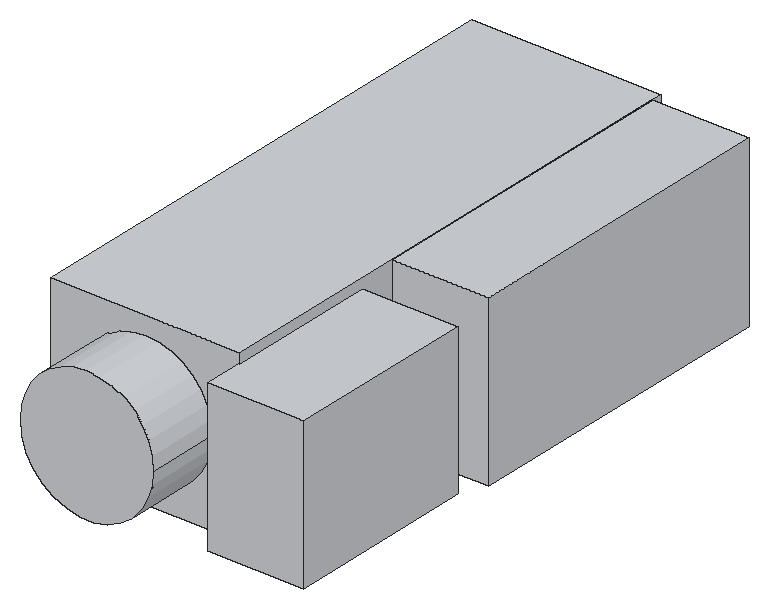
Revit family "EZTE", category Mechanical Equipment, Revit 2018
Family settings
  Round Connector Dimension = Use Diameter
  Part Type = Normal
  OmniClass Number = 23.75.00.00
  OmniClass Title = Climate Control (HVAC)
  Work Plane-Based = No
  Always vertical = Yes
  Cut with Voids When Loaded = No
  Shared = No
  Room Calculation Point = No
Parameters (values of type "EZTE Inlet Size 10 RH")
  Width = 1' - 2"
  URL = "https://www.anemostat-hvac.com/"
  RightSide Electric Enclosure = yes
  RightController = yes
  Power Right Controller = yes
  Power Left Controller = no
  Model = "EZTE"
  Manufacturer = "ANEMOSTAT PRODUCTS"
  Length = 3' - 3 1/2"
  LeftSide Electric Enclosure = no
  LeftController = no
  Inlet_S = 0' - 5 3/8"
  InletRadius = InletDia / 2  # 0' - 4 15/16"
  InletDia = 0' - 9 7/8"
  HeightCenter = Eheight / 2  # 0' - 6 1/4"
  Height = 1' - 0 1/2"
  SlipDrive = 3' - 10 7/16"
  Overlap = 0' - 0 5/8"
  Ewidth = EnclosureWidth  # 0' - 7 1/8"
  EnslosureRear = 1' - 2 7/32"
  EnclosureWidth = 0' - 7 1/8"
  EnclosureHeight = 0' - 11 3/32"
  EnclosureFront = 0' - 3"
  EnclosureCenter = Height / 2  # 0' - 6 1/4"
  Elength = 2' - 0"
  ElectricBack = 0' - 1 1/2"
  Eheight = 1' - 0 1/2"
  DischargeY = Height - 0' 1 1/4"  # 0' - 11 1/4"
  DischargeX = Width - 0' 1 1/4"  # 1' - 0 3/4"
  Discharge = 0' - 0 5/8"
  Description = "EZTE W/ INTEGRAL ELECTRIC HEAT"
  Coil = SlipDrive - Length  # 0' - 6 15/16"
Types (18): name | Width | RightSide Electric Enclosure | RightController | Power Right Controller | Power Left Controller | LeftSide Electric Enclosure | LeftController | InletRadius | InletDia | HeightCenter | Height | SlipDrive | EnclosureCenter | Eheight | DischargeY | DischargeX | Description | Coil
  EZTE Inlet Size 16 RH | 2' - 0" | yes | yes | yes | no | no | no | 0' - 7 15/16" | 1' - 3 7/8" | 0' - 8 3/4" | 1' - 5 1/2" | 3' - 8 7/16" | 0' - 8 3/4" | 1' - 5 1/2" | 1' - 4 1/4" | 1' - 10 3/4" | "EZTE EZTE W/ INTEGRAL ELECTRIC HEAT" | 0' - 4 15/16"
  EZTE Inlet Size 16 LH | 2' - 0" | no | no | no | yes | yes | yes | 0' - 7 15/16" | 1' - 3 7/8" | 0' - 8 3/4" | 1' - 5 1/2" | 3' - 8 7/16" | 0' - 8 3/4" | 1' - 5 1/2" | 1' - 4 1/4" | 1' - 10 3/4" | "EZTE EZTE W/ INTEGRAL ELECTRIC HEAT" | 0' - 4 15/16"
  EZTE Inlet Size 14 LH | 1' - 8" | no | no | no | yes | yes | yes | 0' - 6 15/16" | 1' - 1 7/8" | 0' - 8 3/4" | 1' - 5 1/2" | 3' - 7 1/4" | 0' - 8 3/4" | 1' - 5 1/2" | 1' - 4 1/4" | 1' - 6 3/4" | "EZTE EZTE W/ INTEGRAL ELECTRIC HEAT" | 0' - 3 3/4"
  EZTE Inlet Size 14 RH | 1' - 8" | yes | yes | yes | no | no | no | 0' - 6 15/16" | 1' - 1 7/8" | 0' - 8 3/4" | 1' - 5 1/2" | 3' - 7 1/4" | 0' - 8 3/4" | 1' - 5 1/2" | 1' - 4 1/4" | 1' - 6 3/4" | "EZTE EZTE W/ INTEGRAL ELECTRIC HEAT" | 0' - 3 3/4"
  EZTE Inlet Size 12 RH | 1' - 4" | yes | yes | yes | no | no | no | 0' - 5 15/16" | 0' - 11 7/8" | 0' - 7 1/2" | 1' - 3" | 3' - 7 1/4" | 0' - 7 1/2" | 1' - 3" | 1' - 1 3/4" | 1' - 2 3/4" | "EZTE EZTE W/ INTEGRAL ELECTRIC HEAT" | 0' - 3 3/4"
  EZTE Inlet Size 12 LH | 1' - 4" | no | no | no | yes | yes | yes | 0' - 5 15/16" | 0' - 11 7/8" | 0' - 7 1/2" | 1' - 3" | 3' - 7 1/4" | 0' - 7 1/2" | 1' - 3" | 1' - 1 3/4" | 1' - 2 3/4" | "EZTE EZTE W/ INTEGRAL ELECTRIC HEAT" | 0' - 3 3/4"
  EZTE Inlet Size 10 LH | 1' - 2" | no | no | no | yes | yes | yes | 0' - 4 15/16" | 0' - 9 7/8" | 0' - 6 1/4" | 1' - 0 1/2" | 3' - 10 7/16" | 0' - 6 1/4" | 1' - 0 1/2" | 0' - 11 1/4" | 1' - 0 3/4" | "EZTE W/ INTEGRAL ELECTRIC HEAT" | 0' - 6 15/16"
  EZTE Inlet Size 09 RH | 1' - 2" | yes | yes | yes | no | no | no | 0' - 4 7/16" | 0' - 8 7/8" | 0' - 6 1/4" | 1' - 0 1/2" | 3' - 10 7/16" | 0' - 6 1/4" | 1' - 0 1/2" | 0' - 11 1/4" | 1' - 0 3/4" | "EZTE W/ INTEGRAL ELECTRIC HEAT" | 0' - 6 15/16"
  EZTE Inlet Size 09 LH | 1' - 2" | no | no | no | yes | yes | yes | 0' - 4 7/16" | 0' - 8 7/8" | 0' - 6 1/4" | 1' - 0 1/2" | 3' - 10 7/16" | 0' - 6 1/4" | 1' - 0 1/2" | 0' - 11 1/4" | 1' - 0 3/4" | "EZTE W/ INTEGRAL ELECTRIC HEAT" | 0' - 6 15/16"
  EZTE Inlet Size 08 LH | 1' - 0" | no | no | no | yes | yes | yes | 0' - 3 15/16" | 0' - 7 7/8" | 0' - 6" | 0' - 10" | 3' - 7 1/4" | 0' - 5" | 1' - 0" | 0' - 8 3/4" | 0' - 10 3/4" | "EZTE W/ INTEGRAL ELECTRIC HEAT" | 0' - 3 3/4"
  EZTE Inlet Size 08 RH | 1' - 0" | yes | yes | yes | no | no | no | 0' - 3 15/16" | 0' - 7 7/8" | 0' - 6" | 0' - 10" | 3' - 7 1/4" | 0' - 5" | 1' - 0" | 0' - 8 3/4" | 0' - 10 3/4" | "EZTE W/ INTEGRAL ELECTRIC HEAT" | 0' - 3 3/4"
  EZTE Inlet Size 07 LH | 1' - 0" | no | no | no | yes | yes | yes | 0' - 3 7/16" | 0' - 6 7/8" | 0' - 6" | 0' - 10" | 3' - 7 1/4" | 0' - 5" | 1' - 0" | 0' - 8 3/4" | 0' - 10 3/4" | "EZTE W/ INTEGRAL ELECTRIC HEAT" | 0' - 3 3/4"
  EZTE Inlet Size 07 RH | 1' - 0" | yes | yes | yes | no | no | no | 0' - 3 7/16" | 0' - 6 7/8" | 0' - 6" | 0' - 10" | 3' - 7 1/4" | 0' - 5" | 1' - 0" | 0' - 8 3/4" | 0' - 10 3/4" | "EZTE W/ INTEGRAL ELECTRIC HEAT" | 0' - 3 3/4"
  EZTE Inlet Size 06 RH | 0' - 10" | yes | yes | yes | no | no | no | 0' - 2 15/16" | 0' - 5 7/8" | 0' - 6" | 0' - 10" | 3' - 7 1/4" | 0' - 5" | 1' - 0" | 0' - 8 3/4" | 0' - 8 3/4" | "EZTE W/ INTEGRAL ELECTRIC HEAT" | 0' - 3 3/4"
  EZTE Inlet Size 06 LH | 0' - 10" | no | no | no | yes | yes | yes | 0' - 2 15/16" | 0' - 5 7/8" | 0' - 6" | 0' - 10" | 3' - 7 1/4" | 0' - 5" | 1' - 0" | 0' - 8 3/4" | 0' - 8 3/4" | "EZTE W/ INTEGRAL ELECTRIC HEAT" | 0' - 3 3/4"
  EZTE Inlet Size 05 RH | 0' - 10" | yes | yes | yes | no | no | no | 0' - 2 7/16" | 0' - 4 7/8" | 0' - 6" | 0' - 10" | 3' - 7 1/4" | 0' - 5" | 1' - 0" | 0' - 8 3/4" | 0' - 8 3/4" | "EZTE W/ INTEGRAL ELECTRIC HEAT" | 0' - 3 3/4"
  EZTE Inlet Size 05 LH | 0' - 10" | no | no | no | yes | yes | yes | 0' - 2 7/16" | 0' - 4 7/8" | 0' - 6" | 0' - 10" | 3' - 10 7/16" | 0' - 5" | 1' - 0" | 0' - 8 3/4" | 0' - 8 3/4" | "EZTE W/ INTEGRAL ELECTRIC HEAT" | 0' - 6 15/16"
  EZTE Inlet Size 10 RH | 1' - 2" | yes | yes | yes | no | no | no | 0' - 4 15/16" | 0' - 9 7/8" | 0' - 6 1/4" | 1' - 0 1/2" | 3' - 10 7/16" | 0' - 6 1/4" | 1' - 0 1/2" | 0' - 11 1/4" | 1' - 0 3/4" | "EZTE W/ INTEGRAL ELECTRIC HEAT" | 0' - 6 15/16"
Reference planes (in)
  plane 1 "Center (Front/Back)": y = 0
  plane 2: z = 0
  plane 3 "Center (Left/Right)": x = 0
  plane 4 "RightSide": x = 7
  plane 5 "LeftSide": x = -7
  plane 6 "InletSide": y = -19.75
  plane 7: y = -8.53125
  plane 8 "EnclosureFront": y = -22.75
  plane 9: x = 14.125
  plane 10: x = -14.125
  plane 11 "DischargeSide": y = 19.75
  plane 12: y = 19.125
  plane 13: z = 12.5
  plane 14: z = 6.25
  plane 15: z = 11.79687
  plane 16: z = 0.70313
  plane 17: x = 6.375
  plane 18: x = -6.375
  plane 19: z = 11.875
  plane 20: z = 0.625
  plane 21: y = 18.5
  plane 22 "HWC SlipNDrive": y = 26.6875
  plane 23: z = 1.25
  plane 24: y = 22.875
  plane 25: y = 23.13415
  plane 26: z = 11.25
  plane 27: y = 18.25
  plane 28: y = -5.75
  plane 29: z = 12.5
  plane 30: z = 0
Forms (in)
  Extrusion 1, solid
    sketch origin (0, 0, 0) x (1, 0, 0) y (0, 1, 0)
      loop
        line (7, 19.125) -> (-7, 19.125) -> (-7, -19.75) -> (7, -19.75) -> (7, 19.125)
    from 0 to 12.5
  Extrusion 2, solid
    sketch origin (0, -19.75, 0) x (1, 0, 0) y (0, 0, 1)
      loop
        circle (0, 6.25) r 4.9375
    from 0 to 5.375 <- "Inlet_S"
  Extrusion 3, solid
    sketch origin (0, 19.75, 0) x (1, 0, 0) y (0, 0, 1)
      loop
        line (-6.375, 11.875) -> (-6.375, 0.625) -> (6.375, 0.625) -> (6.375, 11.875) -> (-6.375, 11.875)
    from 0 to 0.625 <- "Discharge"
Dimensions and locks (in)
  equal spacing: plane 5 "LeftSide", plane 3 "Center (Left/Right)", plane 4 "RightSide"
  "EnclosureFront": plane 8 "EnclosureFront" to plane 6 "InletSide"
  "Width": plane 5 "LeftSide" to plane 4 "RightSide"
  "EnclosureWidth": plane 4 "RightSide" to plane 9
  "EnclosureWidth": plane 10 to plane 5 "LeftSide"
  equal spacing: plane 11 "DischargeSide", plane 1 "Center (Front/Back)", plane 6 "InletSide"
  "Length": plane 11 "DischargeSide" to plane 6 "InletSide"
  "EnslosureRear": plane 7 to plane 8 "EnclosureFront"
  "Discharge": plane 12 to plane 11 "DischargeSide"
  equal spacing: plane 15, plane 14, plane 16
  "EnclosureHeight": plane 15 to plane 16
  "EnclosureCenter": plane 14 to level
  "Height": plane 13 to level
  equal spacing: plane 17, plane 3 "Center (Left/Right)", plane 18
  "DischargeX": plane 17 to plane 18
  "Discharge": plane 13 to plane 19
  "Discharge": plane 20 to level
  plane 6 "InletSide" to plane 11 "DischargeSide" = 3' - 3 1/2"
  "Overlap": plane 21 to plane 12
  "SlipDrive": plane 22 "HWC SlipNDrive" to plane 6 "InletSide"
  locked: plane 24 to plane 12 at 3.75
  locked: plane 23 to level at 1.25
  locked: plane 25 to plane 12 at 4.00915
  locked: plane 13 to plane 26 at 1.25
  "ElectricBack": plane 27 to plane 11 "DischargeSide"
  "Elength": plane 28 to plane 27
  "HeightCenter": plane 29 to plane 14
  "HeightCenter": plane 30 to plane 14
  "HeightCenter": plane 14 to nested 4
  "InletRadius": radius of Extrusion 2 sketch curve
  aligned and locked: level to plane 2
  aligned and locked: plane 12 to Extrusion 1 sketch curve
  aligned and locked: plane 4 "RightSide" to Extrusion 1 sketch curve
  aligned and locked: plane 6 "InletSide" to Extrusion 1 sketch curve
  aligned and locked: plane 5 "LeftSide" to Extrusion 1 sketch curve
  aligned and locked: plane 13 to Extrusion 1
  aligned and locked: plane 19 to Extrusion 3 sketch curve
  aligned and locked: Extrusion 3 sketch curve to plane 18
  aligned and locked: plane 20 to Extrusion 3 sketch curve
  aligned and locked: plane 17 to Extrusion 3 sketch curve
  aligned and locked: nested 1 to plane 7
  aligned and locked: plane 4 "RightSide" to nested 1
  aligned and locked: nested 2 to plane 5 "LeftSide"
  aligned and locked: nested 2 to plane 7
  aligned and locked: nested 3 to plane 27
  aligned and locked: nested 3 to plane 4 "RightSide"
  aligned and locked: nested 3 to plane 29
Automatic sketch dimensions
  Extrusion 2 sketch curve to plane 3 "Center (Left/Right)" = 0' - 0"
  Extrusion 2 sketch curve to plane 14 = 0' - 0"
Nested families (in)
  nested 1: "ControlEnclosure" at (7, -9.91058, 0), visible <- "RightController", type "Inlet Size 10 Enclosure Left"
    with EnclosureWidth 0' - 7 1/8", EnclosureHeight 0' - 11 3/32"
  nested 2: "ControlEnclosure" at (-7, -9.91058, 0) x (-1, 0, 0) z (0, 0, 1), visible <- "LeftController", type "Inlet Size 10 Enclosure Left"
    with EnclosureWidth 0' - 7 1/8", EnclosureHeight 0' - 11 3/32"
  nested 3: "ElectricEnclosure" at (0, -19.125, 0), visible <- "RightSide Electric Enclosure", type "Electric Enclosure-05"
    with Width 1' - 2", Height 1' - 0 1/2", HeightCenter 0' - 6 1/4", Eheight 1' - 0 1/2"
  nested 4: "ElectricEnclosure" at (0, -18.875, 0) x (-1, 0, 0) z (0, 0, 1), visible <- "LeftSide Electric Enclosure", type "Electric Enclosure-05"
    with Width 1' - 2", Height 1' - 0 1/2", HeightCenter 0' - 6 1/4", Eheight 1' - 0 1/2"
Connectors (in)
  hvac at (0, -25.125, 6.25), driven by "InletDia"
    settings: on Extrusion 2, index 1, duct flow 0 CFM, flow factor 0, pres drop 0.00 in-wg, loss coef 0, conn angle 0.00°, conn width 12", conn height 12", conn diameter 9 7/8", duct sys type 1, conn prof type 0, flow config 0, flow direction 1, loss method 0, conn ref index -1, conn util no, is conn primary yes, conn desc ""
  electrical at (-14.125, -15.64062, 6.25), driven by "Power Left Controller"
    settings: on nested 2, index 2, voltage 0 V, apparent load 0 VA, apparent load phase1 0 VA, apparent load phase2 0 VA, apparent load phase3 0 VA, power factor 1, load classification "Other", number of poles 1, system type 31, power factor state 1, is connector primary yes, connector utility no, sub classification motor no, connector description ""
  electrical at (14.125, -15.64062, 6.25), driven by "Power Right Controller"
    settings: on nested 1, index 8, voltage 0 V, apparent load 0 VA, apparent load phase1 0 VA, apparent load phase2 0 VA, apparent load phase3 0 VA, power factor 1, load classification "Other", number of poles 1, system type 31, power factor state 1, is connector primary no, connector utility yes, sub classification motor no, connector description ""
  hvac at (0, 19.75, 6.25), driven by "DischargeY", driven by "DischargeX"
    settings: on Extrusion 3, index 9, duct flow 0 CFM, flow factor 0, pres drop 0.00 in-wg, loss coef 0, conn angle 0.00°, conn width 12 3/4", conn height 11 1/4", conn diameter 24", duct sys type 1, conn prof type 1, flow config 0, flow direction 0, loss method 0, conn ref index -1, conn util no, is conn primary no, conn desc ""
  electrical at (14.125, 6.25, 6.25), driven by "RightSide Electric Enclosure"
    settings: on nested 3, index 10, voltage 0 V, apparent load 0 VA, apparent load phase1 0 VA, apparent load phase2 0 VA, apparent load phase3 0 VA, power factor 1, load classification "Other", number of poles 1, system type 31, power factor state 1, is connector primary no, connector utility yes, sub classification motor no, connector description ""
  electrical at (-14.125, 6.5, 6.25), driven by "LeftSide Electric Enclosure"
    settings: on nested 4, index 11, voltage 0 V, apparent load 0 VA, apparent load phase1 0 VA, apparent load phase2 0 VA, apparent load phase3 0 VA, power factor 1, load classification "Other", number of poles 1, system type 31, power factor state 1, is connector primary no, connector utility no, sub classification motor no, connector description ""
Definition of nested family "ControlEnclosure"
  Parameters (values of type "Enclosure")
    Width = 1' - 2"
    Lenght = 1' - 2 1/2"
    Height = 1' - 0 1/2"
    EnslosureRear = 1' - 2 7/32"
    EnclosureWidth = 0' - 7 1/8"
    EnclosureHeight = 0' - 11 3/32"
    EnclosureFront = 0' - 3"
    EnclosureCenter = Height / 2  # 0' - 6 1/4"
    DischargeY = 0' - 11 1/4"
    DischargeX = 1' - 0 3/4"
    Discharge = 0' - 0 5/8"
  Types (3): name | EnclosureWidth | EnclosureHeight
    Inlet Size 10 Enclosure Left | 0' - 11 3/32" | 0' - 7 1/8"
    Inlet Size 10 Enclosure Right | 0' - 7 1/8" | 0' - 6.00967"
    Enclosure | 0' - 7 1/8" | 0' - 11 3/32"
  Reference planes (in)
    plane 1 "Center (Front/Back)": y = 0
    plane 2: z = 0
    plane 3 "Center (Left/Right)": x = 0
    plane 4: x = 7
    plane 5: x = -7
    plane 6: y = -7.25
    plane 7: y = 1.37933
    plane 8: y = -12.83942
    plane 9 "EnclosureSide": x = 14.125
    plane 10: x = -14.125
    plane 11: y = 7.25
    plane 12: y = 6.625
    plane 13: z = 6.25
    plane 14: z = 11.79688
    plane 15: z = 0.70313
  Forms (in)
    Extrusion 1, solid
      sketch origin (0, 0, 0) x (0, 1, 0) y (0, 0, 1)
        loop
          line (1.37933, 11.79688) -> (-12.83942, 11.79688) -> (-12.83942, 0.70313) -> (1.37933, 0.70313) -> (1.37933, 11.79688)
      from 0 to 7.125 <- "EnclosureWidth"
  Dimensions and locks (in)
    equal spacing: plane 5, plane 3 "Center (Left/Right)", plane 4
    plane 8 to plane 6 = 0' - 5.58942"
    "Width": plane 5 to plane 4
    "EnclosureWidth": plane 4 to plane 9 "EnclosureSide"
    "EnclosureWidth": plane 10 to plane 5
    equal spacing: plane 11, plane 1 "Center (Front/Back)", plane 6
    "Lenght": plane 11 to plane 6
    "EnslosureRear": plane 7 to plane 8
    "Discharge": plane 12 to plane 11
    "EnclosureCenter": plane 13 to level
    equal spacing: plane 15, plane 13, plane 14
    "EnclosureHeight": plane 15 to plane 14
    aligned and locked: level to plane 2
    aligned and locked: Extrusion 1 sketch curve to plane 7
    aligned and locked: Extrusion 1 sketch curve to plane 14
    aligned and locked: Extrusion 1 sketch curve to plane 8
    aligned and locked: Extrusion 1 sketch curve to plane 15
Definition of nested family "ElectricEnclosure"
  Parameters (values of type "Electric Enclosure-05")
    Width = 0' - 10"
    Lenght = 3' - 3 1/2"
    Height = 0' - 10"
    Ewidth = EnclosureWidth  # 0' - 7 1/8"
    EnslosureRear = 1' - 2 7/32"
    EnclosureWidth = 0' - 7 1/8"
    EnclosureHeight = 0' - 11 3/32"
    ElectricBack = 0' - 1 1/2"
    HeightCenter = Eheight / 2  # 0' - 6"
    Eheight = 1' - 0"
    ELength = 2' - 0"
    DischargeY = 0' - 11 1/4"
    DischargeX = 1' - 0 3/4"
    Discharge = 0' - 0 5/8"
  Types (9): name | Width | Height | HeightCenter | Eheight
    Electric Enclosure-09 | 1' - 2" | 1' - 0 1/2" | 0' - 6 1/4" | 1' - 0 1/2"
    Electric Enclosure-12 | 1' - 4" | 1' - 3" | 0' - 7 1/2" | 1' - 3"
    Electric Enclosure-14 | 1' - 8" | 1' - 5 1/2" | 0' - 8 3/4" | 1' - 5 1/2"
    Electric Enclosure-16 | 2' - 0" | 1' - 5 1/2" | 0' - 8 3/4" | 1' - 5 1/2"
    Electric Enclosure-10 | 1' - 2" | 1' - 0 1/2" | 0' - 6 1/4" | 1' - 0 1/2"
    Electric Enclosure-08 | 1' - 0" | 0' - 10" | 0' - 6" | 1' - 0"
    Electric Enclosure-07 | 1' - 0" | 0' - 10" | 0' - 6" | 1' - 0"
    Electric Enclosure-06 | 0' - 10" | 0' - 10" | 0' - 6" | 1' - 0"
    Electric Enclosure-05 | 0' - 10" | 0' - 10" | 0' - 6" | 1' - 0"
  Reference planes (in)
    plane 1 "Center (Front/Back)": y = 0
    plane 2: z = 0
    plane 3 "Center (Left/Right)": x = 0
    plane 4 "RightSide": x = 5
    plane 5 "LeftSide": x = -5
    plane 6 "ElectricEnclosureSide": x = 12.125
    plane 7 "ElectricLeftSide": x = -12.125
    plane 8 "SlipDrive": y = 39.5
    plane 9: y = 38.875
    plane 10: z = 6
    plane 11: z = 12
    plane 12: z = 0
    plane 13: y = 37.375
    plane 14: y = 13.375
  Forms (in)
    Extrusion 1, solid
      sketch origin (5, 0, 0) x (0, 1, 0) y (0, 0, 1)
        loop
          line (13.375, 12) -> (13.375, 0) -> (37.375, 0) -> (37.375, 12) -> (13.375, 12)
      from 0 to 7.125 <- "Ewidth"
  Dimensions and locks (in)
    equal spacing: plane 5 "LeftSide", plane 3 "Center (Left/Right)", plane 4 "RightSide"
    "Width": plane 5 "LeftSide" to plane 4 "RightSide"
    "EnclosureWidth": plane 4 "RightSide" to plane 6 "ElectricEnclosureSide"
    "EnclosureWidth": plane 7 "ElectricLeftSide" to plane 5 "LeftSide"
    "Lenght": plane 8 "SlipDrive" to plane 1 "Center (Front/Back)"
    "Discharge": plane 9 to plane 8 "SlipDrive"
    "HeightCenter": plane 10 to level
    equal spacing: plane 12, plane 10, plane 11
    "Eheight": plane 12 to plane 11
    "ElectricBack": plane 13 to plane 9
    "ELength": plane 14 to plane 13
    aligned and locked: level to plane 2
  Automatic sketch dimensions
    Extrusion 1 sketch curve to plane 14 = 0' - 0"
    Extrusion 1 sketch curve to plane 13 = 0' - 0"
    Extrusion 1 sketch curve to level = 0' - 0"
    Extrusion 1 sketch curve to plane 11 = 0' - 0"
